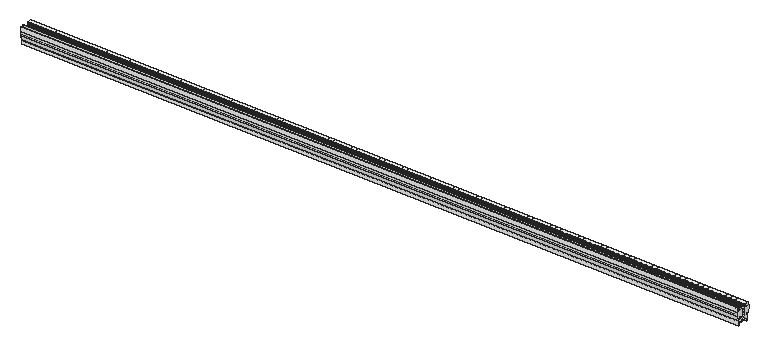
Revit family "2020763 Feilo Sylvania Lighting Fixtures LYTESPAN 3 2M TRACK SIL", category Lighting Fixtures, host Face, Revit 2017
Family settings
  Host = Face
  Round Connector Dimension = Use Diameter
  Part Type = Normal
  OmniClass Number = 23.80.70.00
  OmniClass Title = Lighting
  Cut with Voids When Loaded = No
  Light Source = No
  Shared = No
  Room Calculation Point = No
Parameters (values of type "2020763 LYTESPAN 3 2M TRACK SIL")
  _DistributedBy = "//www.feilosylvania.com/en-int/"
  _CurrentRevision = 1
  _CreatedBy = "http://www.feilosylvania.com/en-int/"
  _BimstoreBibleVersion = "15"
  _BimSpecGuid = 0
  _Author = "Viktoria Kollar"
  Weight = "1.82 kg"
  WarrantyStartDate [instance] = ""
  WarrantyGuarantorParts = "n/a"
  WarrantyDurationUnit = "n/a"
  WarrantyDurationParts = "n/a"
  WarrantyDescription = "n/a"
  URL = "http://www.sylvania-lighting.com"
  TypeName = "LYTESPAN 3 2M TRACK SIL"
  Type Image = 2020760.jpg
  Type Comments = "n/a"
  TransformerRequired = yes
  SerialNumber [instance] = ""
  NominalLength = 2000 mm
  NominalHeight = 45 mm
  NominalDepth = 37 mm
  Name = "LYTESPAN 3 2M TRACK SIL"
  NBSReference = "n/a"
  NBSOfficeMasterTag = "n/a"
  NBSObjectName = "n/a"
  NBSNote = "n/a"
  NBSDescription = "n/a"
  ModelReference = "LYTESPAN 3 2M TRACK SIL"
  ModelNumber = "2020763"
  Model = "LYTESPAN 3 2M TRACK SIL"
  ManufacturerName = "Feilo Sylvania"
  Manufacturer = "Feilo Sylvania"
  LuminaireType = ""
  Lamp = "LED"
  Keynote = "16500"
  InstallationDate [instance] = ""
  InputVoltage = "240V~"
  IfcExportType = "IfcLightFixtureType"
  IfcExportAs = "IfcLightFixtureType"
  Housing material = White aluminium
  ElectricShockClassification = "Class I"
  DocumentationLiterature = "http://www.sylvania-lighting.com/product/en-int/products/2020763"
  Description = "3 Circuit Track, compact venturi trunk profile, extruded aluminium body, suitable for surface mounting and suspending, (LxWxH) 2000x37x45mm, 1.85kg, Silver RAL 9006, Class 1, maximum installed load: 3x3680W (11040W), fuse: 3x16A, supply cable: 5 x 1.5mm², 400 VAC supply"
  Default Elevation = 0 mm
  CreatedOn = "14/11/2017"
  CreatedBy = ""
  Cost = 0
  Color = "Aluminium white"
  ClassificationValue = "EF_70_80"
  ClassificationName = "Uniclass2015"
  BarCode [instance] = ""
  BIMObjectName = "n/a"
  AssetType = "Fixed"
  AssetIdentifier [instance] = ""
  Assembly Code = "D5020200"
  Apparent Load = 0 VA
Reference planes
  plane 1 "Center (Front/Back)": y = 0
  plane 2: z = 0
  plane 3 "Center (Left/Right)": x = 0
  plane 4: x = -1000
  plane 5: x = 1000
  plane 6: z = 36.5
  plane 7: z = 18.5
  plane 8: z = 27.5
  plane 9: z = 30
  plane 10: z = 33
  plane 11: z = 45
  plane 12: z = 25
  plane 13: z = 22
  plane 14: y = 5.75
  plane 15: y = -5.75
  plane 16: y = 9.25
  plane 17: y = -9.25
  plane 18: y = 13.25
  plane 19: y = -13.25
  plane 20: y = -14.75
  plane 21: y = 14.75
  plane 22: y = 18.5
  plane 23: y = -18.5
  plane 24: z = 31
  plane 25: y = 16.55
  plane 26: y = -16.55
  plane 27: z = 38.7
  plane 28: y = 7
  plane 29: y = -7
  plane 30: z = 40.9
  plane 31: z = 43.1
Forms (mm)
  Extrusion 1, solid, material "White aluminium" <- "Housing material"
    sketch origin (0, 0, 45) x (0, 1, 0) y (0, 0, 1)
      loop
        line (14.75, -45) -> (14.75, -34.582) -> (16.616, -24) -> (18.5, -12) -> (18.5, 0) -> (7, 0) -> (7, -1.9) -> (13.25, -1.9) -> (13.25, -4.1) -> (7, -4.1) -> (7, -6.3) -> (16.55, -6.3) -> (16.55, -14) -> (13.25, -14) -> (13.25, -12) -> (9.25, -8.5) -> (5.75, -8.5) -> (5.75, -12) -> (9.25, -12) -> (9.25, -15) -> (5.75, -15) -> (5.75, -20) -> (9.25, -20) -> (9.25, -23) -> (5.75, -23) -> (5.75, -26.5) -> (9.25, -26.5) -> (13.25, -23) -> (15.119, -23) -> (15.119, -24) -> (13.383, -33.848) -> (9.529, -33.848) -> (9.529, -30) -> (-4.255, -30) -> (-9.75, -33.848) -> (-13, -33.848) -> (-15.119, -23.803) -> (-15.119, -23) -> (-13.25, -23) -> (-9.25, -26.5) -> (-5.75, -26.5) -> (-5.75, -23) -> (-9.25, -23) -> (-9.25, -20) -> (-5.75, -20) -> (-5.75, -15) -> (-9.25, -15) -> (-9.25, -12) -> (-5.75, -12) -> (-5.75, -8.5) -> (-9.25, -8.5) -> (-13.25, -12) -> (-13.25, -14) -> (-16.55, -14) -> (-16.55, -6.3) -> (-7, -6.3) -> (-7, 0) -> (-9.25, 0) -> (-9.25, -4.1) -> (-16.55, -4.1) -> (-16.55, 0) -> (-18.5, 0) -> (-18.5, -12) -> (-16.616, -24) -> (-14.75, -33.164) -> (-14.75, -45) -> (-13.25, -45) -> (-13.25, -35.764)
        arc (-13.25, -35.764) -> (-9.111, -38.754) -> (-4.329, -40.542) r 19.123
        line (-4.329, -40.542) -> (-4.329, -39.56)
        arc (-4.329, -39.56) -> (-7.777, -38.158) -> (-10.813, -36.003) r 16.148
        line (-10.813, -36.003) -> (-7.392, -36.003) -> (-3.107, -33) -> (7.392, -33) -> (7.392, -36.003) -> (10.813, -36.003)
        arc (10.813, -36.003) -> (7.777, -38.158) -> (4.329, -39.56) r 16.148
        line (4.329, -39.56) -> (4.329, -40.542)
        arc (4.329, -40.542) -> (9.111, -38.754) -> (13.25, -35.764) r 19.123
        line (13.25, -35.764) -> (13.25, -45) -> (14.75, -45)
    from -1000 to 1000
Dimensions and locks
  "NominalLength": plane 5 to plane 4
  equal spacing: plane 5, plane 3 "Center (Left/Right)", plane 4
  "NominalHeight": plane 11 to host face
  locked: plane 11 to plane 8 at 17.5
  locked: plane 6 to plane 7 at 18
  equal spacing: plane 6, plane 8, plane 7
  locked: plane 13 to plane 7 at 3.5
  locked: plane 6 to plane 10 at 3.5
  equal spacing: plane 9, plane 8, plane 12
  locked: plane 9 to plane 12 at 5
  equal spacing: plane 14, plane 1 "Center (Front/Back)", plane 15
  locked: plane 14 to plane 15 at 11.5
  equal spacing: plane 16, plane 1 "Center (Front/Back)", plane 17
  locked: plane 16 to plane 17 at 18.5
  equal spacing: plane 18, plane 1 "Center (Front/Back)", plane 19
  locked: plane 18 to plane 19 at 26.5
  "NominalDepth": plane 22 to plane 23
  aligned and locked: plane 2 to host face
  aligned and locked: level to host face
  aligned and locked: plane 6 to Extrusion 1  (x3)
  aligned and locked: plane 14 to Extrusion 1  (x3)
  aligned and locked: Extrusion 1 to plane 15  (x3)
  aligned and locked: Extrusion 1 to plane 10  (x2)
  aligned and locked: plane 9 to Extrusion 1  (x2)
  aligned and locked: Extrusion 1 to plane 12  (x2)
  aligned and locked: plane 13 to Extrusion 1  (x2)
  aligned and locked: Extrusion 1 to plane 7  (x2)
  aligned and locked: plane 18 to Extrusion 1
  aligned and locked: Extrusion 1 to plane 19
  aligned and locked: Extrusion 1 to plane 20
  aligned and locked: plane 21 to Extrusion 1
  aligned and locked: plane 25 to Extrusion 1
  aligned and locked: Extrusion 1 to plane 26
  aligned and locked: Extrusion 1 sketch curve to plane 27  (x2)
  aligned and locked: plane 26 to Extrusion 1 sketch curve
  aligned and locked: Extrusion 1 sketch curve to plane 26
  aligned and locked: Extrusion 1 sketch curve to plane 23
  aligned and locked: plane 11 to Extrusion 1 sketch curve  (x3)
  aligned and locked: plane 30 to Extrusion 1 sketch curve  (x2)
  aligned and locked: plane 17 to Extrusion 1 sketch curve
  aligned and locked: Extrusion 1 sketch curve to plane 29
  aligned and locked: plane 28 to Extrusion 1 sketch curve  (x2)
  aligned and locked: plane 18 to Extrusion 1 sketch curve
  aligned and locked: Extrusion 1 sketch curve to plane 31
  aligned and locked: Extrusion 1 sketch curve to plane 22
  aligned and locked: Extrusion 1 to plane 4
  aligned and locked: plane 5 to Extrusion 1
Automatic sketch dimensions
  host sketch curve to host sketch curve = 2438.4 mm  (x2)
  Extrusion 1 sketch curve to plane 24 = 0 mm  (x2)
  Extrusion 1 sketch curve to plane 13 = 0 mm  (x4)
  Extrusion 1 sketch curve to plane 20 = 0 mm
  Extrusion 1 sketch curve to plane 19 = 0 mm  (x3)
  Extrusion 1 sketch curve to plane 10 = 0 mm  (x6)
  Extrusion 1 sketch curve to level = 0 mm  (x2)
  Extrusion 1 sketch curve to plane 17 = 0 mm  (x4)
  Extrusion 1 sketch curve to plane 6 = 0 mm  (x2)
  Extrusion 1 sketch curve to plane 7 = 0 mm  (x2)
  Extrusion 1 sketch curve to plane 9 = 0 mm  (x2)
  Extrusion 1 sketch curve to plane 15 = 0 mm  (x3)
  Extrusion 1 sketch curve to plane 12 = 0 mm  (x2)
  Extrusion 1 sketch curve to plane 14 = 0 mm  (x3)
  Extrusion 1 sketch curve to plane 16 = 0 mm  (x4)
  Extrusion 1 sketch curve to plane 18 = 0 mm  (x3)
  Extrusion 1 sketch curve to plane 21 = 0 mm
  Extrusion 1 sketch curve to plane 25 = 0 mm
  Extrusion 1 sketch curve to plane 26 = 0.066 mm
  plane 20 to Extrusion 1 sketch curve = 0.369 mm
  plane 19 to Extrusion 1 sketch curve = 0.25 mm
  Extrusion 1 sketch curve to plane 17 = 1.563 mm
  Extrusion 1 sketch curve to plane 17 = 0.5 mm
  Extrusion 1 sketch curve to plane 29 = 0.392 mm
  plane 15 to Extrusion 1 sketch curve = 1.421 mm
  plane 15 to Extrusion 1 sketch curve = 1.495 mm
  plane 15 to Extrusion 1 sketch curve = 2.643 mm
  Extrusion 1 sketch curve to plane 1 "Center (Front/Back)" = 0.082 mm
  Extrusion 1 sketch curve to plane 1 "Center (Front/Back)" = 0.01 mm
  plane 1 "Center (Front/Back)" to Extrusion 1 sketch curve = 0.01 mm
  plane 1 "Center (Front/Back)" to Extrusion 1 sketch curve = 0.082 mm
  Extrusion 1 sketch curve to plane 14 = 1.421 mm
  plane 28 to Extrusion 1 sketch curve = 0.392 mm
  plane 16 to Extrusion 1 sketch curve = 0.279 mm
  plane 16 to Extrusion 1 sketch curve = 1.563 mm
  plane 18 to Extrusion 1 sketch curve = 0.133 mm
  Extrusion 1 sketch curve to plane 21 = 0.369 mm
  plane 25 to Extrusion 1 sketch curve = 0.066 mm
  Extrusion 1 sketch curve to plane 13 = 1.104 mm
  Extrusion 1 sketch curve to Extrusion 1 sketch curve = 0 mm  (x2)
  plane 13 to Extrusion 1 sketch curve = 0.803 mm
  plane 13 to Extrusion 1 sketch curve = 1 mm  (x4)
  plane 7 to Extrusion 1 sketch curve = 3.5 mm
  Extrusion 1 sketch curve to Extrusion 1 sketch curve = 3 mm
  plane 7 to Extrusion 1 sketch curve = 6.664 mm
  Extrusion 1 sketch curve to Extrusion 1 sketch curve = 0.684 mm
  Extrusion 1 sketch curve to Extrusion 1 sketch curve = 3.848 mm
  Extrusion 1 sketch curve to Extrusion 1 sketch curve = 0.734 mm
  Extrusion 1 sketch curve to Extrusion 1 sketch curve = 1.181 mm
  Extrusion 1 sketch curve to Extrusion 1 sketch curve = 1.916 mm
  Extrusion 1 sketch curve to Extrusion 1 sketch curve = 2.155 mm
  Extrusion 1 sketch curve to Extrusion 1 sketch curve = 0.24 mm
Connectors
  electrical at (0, 0, 0)
    settings: on host face, index 1, voltage 0 V, apparent load 0 VA, apparent load phase1 0 VA, apparent load phase2 0 VA, apparent load phase3 0 VA, power factor 1, load classification "Other", number of poles 1, system type 31, power factor state 1, is connector primary yes, connector utility no, sub classification motor no, connector description ""
